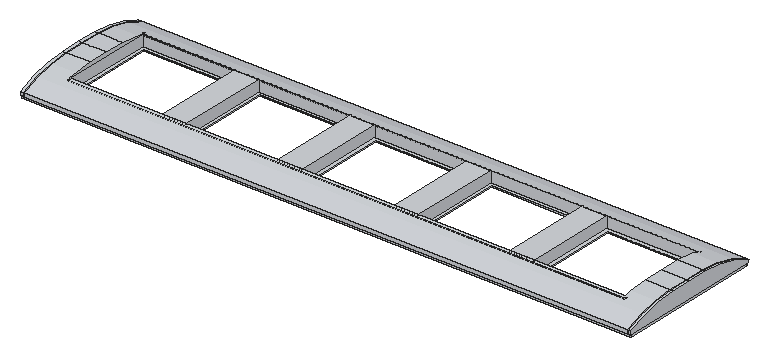
Revit family "Gira_0215763", category Electrical Fixtures, host Face, Revit 2017
Family settings
  Host = Face
  Maintain Annotation Orientation = No
  Round Connector Dimension = Use Diameter
  Part Type = Normal
  Cut with Voids When Loaded = No
  Shared = No
  Room Calculation Point = No
Parameters (values of type "Cov.fr. 5-g interm.fr. PW Gira Event Clear brown")
  With mounting grid = "No"
  With hinged lid = "No"
  URL = "http://katalog.gira.de/en/datenblatt.html?artikelnr=0215763"
  Type of fastening = "Clamp mounting"
  Transparent = "No"
  Surface protection = "Other"
  Surface finishing = "Glossy"
  Suitable for wall duct = "No"
  Suitable for flush-mounted installation = "Yes"
  Suitable for floor box = "No"
  Suitable for built-in installation = "No"
  Number of units vertical = "5"
  Number of units horizontal = "5"
  Number of units = "5"
  Name = "Cov.fr. 5-g interm.fr. PW Gira Event Clear brown"
  Mounting direction = "Horizontal and vertical"
  Material quality = "Thermoplastic"
  Material = "Plastic"
  Manufacturer URL = "https://www.gira.de/"
  Manufacturer = "Gira"
  Label space/information surface = "No"
  Keynote = ""
  HeinzeBIM = "https://bimportal.heinze.de/bim/cov-fr-5-g-interm-fr-pw-gira-event-clear-brown/db000cc00129e15ad79b2ee4357783d0bf8ce9f5"
  Halogen free = "Yes"
  HAN = "0215763"
  GTIN = "4010337069348"
  Description = "Cov.fr.5g i.fr.PW EvCl BN,Gira Event Clear cover frame,brown with pure white glossy intermediate frame,5-gang,Features:,- Shatter-proof."
  Degree of protection (IP) = "IP20"
  Default Elevation = 1219.2 mm
  Data sheet (1) = "https://katalog.gira.de/en/download.html?artikelnr=0215763"
  Colour = "Brown"
  Category = "Cover frame for domestic switching devices"
  BIM (1) = "https://media.stage.bim.site/public/gira/36a6b08/Event_Rahmen_5fach.rfa"
  Available = "No"
Reference planes
  plane 1 "Center (Front/Back)": y = 0
  plane 2: z = 0
  plane 3 "Center (Left/Right)": x = 0
Forms (mm)
  Extrusion 1, solid, detail levels fine
    sketch origin (0, 0, 0.05) x (0, 1, 0) y (0, 0, 1)
      loop
        arc (12.445, 9.683) -> (6.223, 9.833) -> (0, 9.85) r 291.636
        arc (0, 9.85) -> (-6.223, 9.833) -> (-12.445, 9.683) r 291.636
        arc (-12.445, 9.683) -> (-29.14, 7.482) -> (-45, 1.823) r 79.728
        line (-45, 1.823) -> (-45, -0.05) -> (-42.086, -0.05)
        arc (-42.086, -0.05) -> (-21.385, 5.559) -> (0, 7.206) r 114.424
        arc (0, 7.206) -> (21.385, 5.559) -> (42.086, -0.05) r 114.424
        line (42.086, -0.05) -> (45, -0.05) -> (45, 1.823)
        arc (45, 1.823) -> (29.14, 7.482) -> (12.445, 9.683) r 79.728
    from -185.578 to 185.593
  Extrusion 2, void, detail levels fine
    sketch origin (0, 0, 0) x (1, 0, 0) y (0, 1, 0)
      loop
        line (170.607, 28) -> (-170.593, 28) -> (-170.593, -28) -> (170.607, -28) -> (170.607, 28)
    from 0.724 to 11
  Extrusion 3, solid, detail levels coarse
    sketch origin (0, 0, 0) x (1, 0, 0) y (0, 1, 0)
      loop
        line (-187.578, 45) -> (-187.578, -45) -> (187.593, -45) -> (187.593, 45) -> (-187.578, 45)
    from -1.5 to 9.9
  Extrusion 4, solid, detail levels medium
    sketch origin (0, 0, 0.05) x (0, 1, 0) y (0, 0, 1)
      loop
        arc (12.445, 9.683) -> (6.223, 9.833) -> (0, 9.85) r 291.636
        arc (0, 9.85) -> (-6.223, 9.833) -> (-12.445, 9.683) r 291.636
        arc (-12.445, 9.683) -> (-29.14, 7.482) -> (-45, 1.823) r 79.728
        line (-45, 1.823) -> (-45, -0.05) -> (45, -0.05) -> (45, 1.823)
        arc (45, 1.823) -> (29.14, 7.482) -> (12.445, 9.683) r 79.728
    from -187.578 to 187.593
  Extrusion 5, solid, detail levels fine
    sketch origin (-142.578, 0, -1.5) x (0, 1, 0) y (0, 0, -1)
      loop
        line (45, -3.373) -> (45, -1.5) -> (-45, -1.5) -> (-45, -3.373)
        arc (-45, -3.373) -> (-29.14, -9.032) -> (-12.445, -11.233) r 79.728
        arc (-12.445, -11.233) -> (-6.223, -11.383) -> (0, -11.4) r 291.636
        arc (0, -11.4) -> (6.223, -11.383) -> (12.445, -11.233) r 291.636
        arc (12.445, -11.233) -> (29.14, -9.032) -> (45, -3.373) r 79.728
    from 43 to 45
  Extrusion 6, solid, detail levels fine
    sketch origin (0, 0, 0) x (1, 0, 0) y (0, 1, 0)
      loop
        line (-168.493, 25.7) -> (-168.493, -25.7) -> (-116.693, -25.7) -> (-116.693, 25.7) -> (-168.493, 25.7)
      loop
        line (-45.398, -25.7) -> (-45.398, 25.7) -> (-97.198, 25.7) -> (-97.198, -25.7) -> (-45.398, -25.7)
      loop
        line (-171.487, 28.49) -> (-171.487, -28.495)
        spline (-171.487, -28.495) -> (-171.479, -28.625) -> (-171.453, -28.754) -> (-171.411, -28.878) -> (-171.353, -28.995) -> (-171.281, -29.104) -> (-171.194, -29.202) -> (-171.096, -29.288) -> (-170.987, -29.361) -> (-170.87, -29.419) -> (-170.746, -29.461) -> (-170.618, -29.486) -> (-170.487, -29.495)
        line (-170.487, -29.495) -> (170.502, -29.495)
        spline (170.502, -29.495) -> (170.633, -29.486) -> (170.761, -29.461) -> (170.885, -29.419) -> (171.002, -29.361) -> (171.111, -29.288) -> (171.209, -29.202) -> (171.296, -29.104) -> (171.368, -28.995) -> (171.426, -28.878) -> (171.468, -28.754) -> (171.494, -28.625) -> (171.502, -28.495)
        line (171.502, -28.495) -> (171.502, 28.49)
        spline (171.502, 28.49) -> (171.494, 28.62) -> (171.468, 28.748) -> (171.426, 28.872) -> (171.368, 28.99) -> (171.296, 29.098) -> (171.209, 29.197) -> (171.111, 29.283) -> (171.002, 29.356) -> (170.885, 29.413) -> (170.761, 29.456) -> (170.633, 29.481) -> (170.502, 29.49)
        line (170.502, 29.49) -> (-170.487, 29.49)
        spline (-170.487, 29.49) -> (-170.618, 29.481) -> (-170.746, 29.456) -> (-170.87, 29.413) -> (-170.987, 29.356) -> (-171.096, 29.283) -> (-171.194, 29.197) -> (-171.281, 29.098) -> (-171.353, 28.99) -> (-171.411, 28.872) -> (-171.453, 28.748) -> (-171.479, 28.62) -> (-171.487, 28.49)
      loop
        line (25.902, -25.7) -> (25.902, 25.7) -> (-25.898, 25.7) -> (-25.898, -25.7) -> (25.902, -25.7)
      loop
        line (97.207, -25.7) -> (97.207, 25.7) -> (45.407, 25.7) -> (45.407, -25.7) -> (97.207, -25.7)
      loop
        line (168.507, -25.7) -> (168.507, 25.7) -> (116.707, 25.7) -> (116.707, -25.7) -> (168.507, -25.7)
    from 0.1 to 7.3
  Extrusion 7, solid
    sketch origin (0, 0, 0) x (1, 0, 0) y (0, 1, 0)
      loop
        arc (-187.293, -44.218) -> (-187.146, -44.572) -> (-186.793, -44.718) r 0.5
        line (-186.793, -44.718) -> (186.807, -44.718)
        arc (186.807, -44.718) -> (187.161, -44.572) -> (187.307, -44.218) r 0.5
        line (187.307, -44.218) -> (187.307, 44.182)
        arc (187.307, 44.182) -> (187.161, 44.535) -> (186.807, 44.682) r 0.5
        line (186.807, 44.682) -> (-186.793, 44.682)
        arc (-186.793, 44.682) -> (-187.146, 44.535) -> (-187.293, 44.182) r 0.5
        line (-187.293, 44.182) -> (-187.293, -44.218)
      loop
        line (-185.593, 42.982) -> (-185.593, -43.018) -> (185.607, -43.018) -> (185.607, 42.982) -> (-185.593, 42.982)
    from -1.5 to 0.5
  Extrusion 8, solid, detail levels fine
    sketch origin (142.593, 0, -1.5) x (0, 1, 0) y (0, 0, 1)
      loop
        arc (45, 3.373) -> (29.14, 9.032) -> (12.445, 11.233) r 79.728
        arc (12.445, 11.233) -> (6.223, 11.383) -> (0, 11.4) r 291.636
        arc (0, 11.4) -> (-6.223, 11.383) -> (-12.445, 11.233) r 291.636
        arc (-12.445, 11.233) -> (-29.14, 9.032) -> (-45, 3.373) r 79.728
        line (-45, 3.373) -> (-45, 1.5) -> (45, 1.5) -> (45, 3.373)
    from 43 to 45
  Extrusion 9, solid, detail levels medium
    sketch origin (0, 0, 0) x (1, 0, 0) y (0, 1, 0)
      loop
        line (-187.293, -44.718) -> (187.307, -44.718) -> (187.307, 44.682) -> (-187.293, 44.682) -> (-187.293, -44.718)
    from -1.5 to 0.5
  Extrusion 10, solid, detail levels fine
    sketch origin (-105.5, 0, 0) x (1, 0, 0) y (0, 1, 0)
      loop
        line (-8.943, 28.063) -> (-8.943, -27.937) -> (6.057, -27.937) -> (6.057, 28.063) -> (-8.943, 28.063)
    from 0.724 to 7.566
  Extrusion 11, solid, detail levels fine
    sketch origin (-37.085, 0, 0) x (-1, 0, 0) y (0, -1, 0)
      loop
        line (-8.943, -28.063) -> (6.057, -28.063) -> (6.057, 27.937) -> (-8.943, 27.937) -> (-8.943, -28.063)
    from 0.724 to 7.566
  Extrusion 12, solid, detail levels fine
    sketch origin (105.5, 0, 0) x (-1, 0, 0) y (0, -1, 0)
      loop
        line (-8.943, -28.063) -> (6.057, -28.063) -> (6.057, 27.937) -> (-8.943, 27.937) -> (-8.943, -28.063)
    from 0.724 to 7.566
  Extrusion 13, solid, detail levels fine
    sketch origin (37.085, 0, 0) x (1, 0, 0) y (0, 1, 0)
      loop
        line (-8.943, 28.063) -> (-8.943, -27.937) -> (6.057, -27.937) -> (6.057, 28.063) -> (-8.943, 28.063)
    from 0.724 to 7.566
Cuts and joins
  Extrusion 2 cuts Extrusion 1
  Extrusion 2 cuts Extrusion 6
Dimensions and locks
  aligned and locked: plane 2 to host face
  aligned and locked: level to host face
